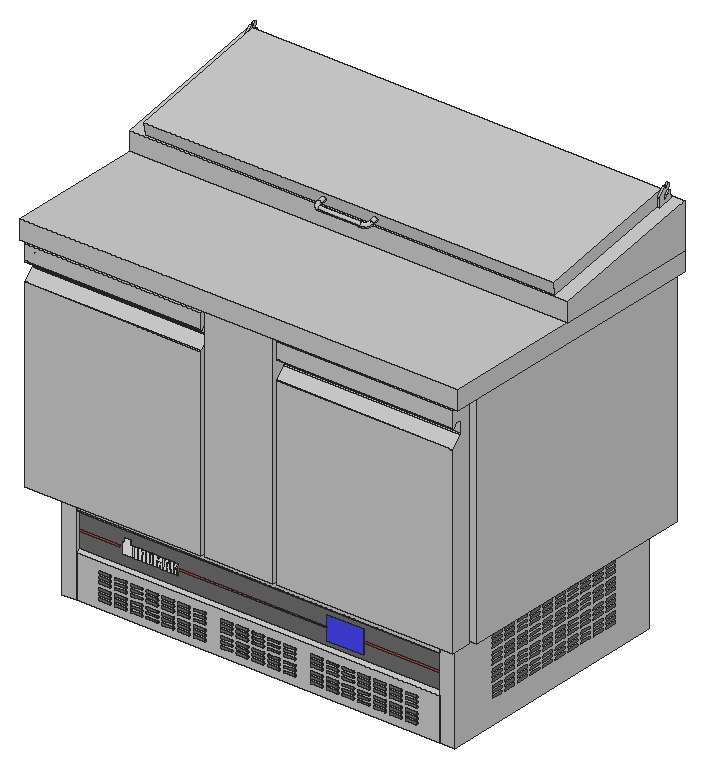
Revit family "QF_INOMAK_BPZP7300_250611020226", category Specialty Equipment, Revit 2021 (continued)
Definition of nested family "QF_INOMAK_REF_BASE_MOTOR_2920"
  Forms (mm)
    Extrusion 20, solid
      sketch origin (1041, 1580.136, -390.167) x (0, 1, 0) y (0, 0, -1)
        loop
          line (-1883.436, -480.535) -> (-1907.436, -480.535)
          arc (-1907.436, -480.535) -> (-1910.436, -483.535) -> (-1907.436, -486.535) r 3
        loop
          line (-1868.436, -486.535) -> (-1844.436, -486.535)
          arc (-1844.436, -486.535) -> (-1841.436, -483.535) -> (-1844.436, -480.535) r 3
          line (-1844.436, -480.535) -> (-1868.436, -480.535)
          arc (-1868.436, -480.535) -> (-1871.436, -483.535) -> (-1868.436, -486.535) r 3
        loop
          line (-1829.436, -486.535) -> (-1805.436, -486.535)
          arc (-1805.436, -486.535) -> (-1802.436, -483.535) -> (-1805.436, -480.535) r 3
          line (-1805.436, -480.535) -> (-1829.436, -480.535)
          arc (-1829.436, -480.535) -> (-1832.436, -483.535) -> (-1829.436, -486.535) r 3
        loop
          line (-1790.436, -486.535) -> (-1766.436, -486.535)
          arc (-1766.436, -486.535) -> (-1763.436, -483.535) -> (-1766.436, -480.535) r 3
          line (-1766.436, -480.535) -> (-1790.436, -480.535)
          arc (-1790.436, -480.535) -> (-1793.436, -483.535) -> (-1790.436, -486.535) r 3
        loop
          line (-1751.436, -486.535) -> (-1727.436, -486.535)
          arc (-1727.436, -486.535) -> (-1724.436, -483.535) -> (-1727.436, -480.535) r 3
          line (-1727.436, -480.535) -> (-1751.436, -480.535)
          arc (-1751.436, -480.535) -> (-1754.436, -483.535) -> (-1751.436, -486.535) r 3
        loop
          line (-1985.436, -475.535) -> (-1961.436, -475.535)
          arc (-1961.436, -475.535) -> (-1958.436, -472.535) -> (-1961.436, -469.535) r 3
          line (-1961.436, -469.535) -> (-1985.436, -469.535)
          arc (-1985.436, -469.535) -> (-1988.436, -472.535) -> (-1985.436, -475.535) r 3
        loop
          line (-1946.436, -475.535) -> (-1922.436, -475.535)
          arc (-1922.436, -475.535) -> (-1919.436, -472.535) -> (-1922.436, -469.535) r 3
          line (-1922.436, -469.535) -> (-1946.436, -469.535)
          arc (-1946.436, -469.535) -> (-1949.436, -472.535) -> (-1946.436, -475.535) r 3
        loop
          line (-1907.436, -475.535) -> (-1883.436, -475.535)
          arc (-1883.436, -475.535) -> (-1880.436, -472.535) -> (-1883.436, -469.535) r 3
          line (-1883.436, -469.535) -> (-1907.436, -469.535)
          arc (-1907.436, -469.535) -> (-1910.436, -472.535) -> (-1907.436, -475.535) r 3
        loop
          line (-1868.436, -475.535) -> (-1844.436, -475.535)
          arc (-1844.436, -475.535) -> (-1841.436, -472.535) -> (-1844.436, -469.535) r 3
          line (-1844.436, -469.535) -> (-1868.436, -469.535)
          arc (-1868.436, -469.535) -> (-1871.436, -472.535) -> (-1868.436, -475.535) r 3
        loop
          line (-1829.436, -475.535) -> (-1805.436, -475.535)
          arc (-1805.436, -475.535) -> (-1802.436, -472.535) -> (-1805.436, -469.535) r 3
          line (-1805.436, -469.535) -> (-1829.436, -469.535)
          arc (-1829.436, -469.535) -> (-1832.436, -472.535) -> (-1829.436, -475.535) r 3
        loop
          line (-1790.436, -475.535) -> (-1766.436, -475.535)
          arc (-1766.436, -475.535) -> (-1763.436, -472.535) -> (-1766.436, -469.535) r 3
          line (-1766.436, -469.535) -> (-1790.436, -469.535)
          arc (-1790.436, -469.535) -> (-1793.436, -472.535) -> (-1790.436, -475.535) r 3
        loop
          line (-1751.436, -475.535) -> (-1727.436, -475.535)
          arc (-1727.436, -475.535) -> (-1724.436, -472.535) -> (-1727.436, -469.535) r 3
          line (-1727.436, -469.535) -> (-1751.436, -469.535)
          arc (-1751.436, -469.535) -> (-1754.436, -472.535) -> (-1751.436, -475.535) r 3
        loop
          line (-2102.436, -534.535) -> (-2078.436, -534.535)
          arc (-2078.436, -534.535) -> (-2075.436, -531.535) -> (-2078.436, -528.535) r 3
          line (-2078.436, -528.535) -> (-2102.436, -528.535)
          arc (-2102.436, -528.535) -> (-2105.436, -531.535) -> (-2102.436, -534.535) r 3
        loop
          line (-2063.436, -534.535) -> (-2039.436, -534.535)
          arc (-2039.436, -534.535) -> (-2036.436, -531.535) -> (-2039.436, -528.535) r 3
          line (-2039.436, -528.535) -> (-2063.436, -528.535)
          arc (-2063.436, -528.535) -> (-2066.436, -531.535) -> (-2063.436, -534.535) r 3
        loop
          line (-2024.436, -534.535) -> (-2000.436, -534.535)
          arc (-2000.436, -534.535) -> (-1997.436, -531.535) -> (-2000.436, -528.535) r 3
          line (-2000.436, -528.535) -> (-2024.436, -528.535)
          arc (-2024.436, -528.535) -> (-2027.436, -531.535) -> (-2024.436, -534.535) r 3
        loop
          line (-2102.436, -523.535) -> (-2078.436, -523.535)
          arc (-2078.436, -523.535) -> (-2075.436, -520.535) -> (-2078.436, -517.535) r 3
          line (-2078.436, -517.535) -> (-2102.436, -517.535)
          arc (-2102.436, -517.535) -> (-2105.436, -520.535) -> (-2102.436, -523.535) r 3
        loop
          line (-2063.436, -523.535) -> (-2039.436, -523.535)
          arc (-2039.436, -523.535) -> (-2036.436, -520.535) -> (-2039.436, -517.535) r 3
          line (-2039.436, -517.535) -> (-2063.436, -517.535)
          arc (-2063.436, -517.535) -> (-2066.436, -520.535) -> (-2063.436, -523.535) r 3
        loop
          line (-2024.436, -523.535) -> (-2000.436, -523.535)
          arc (-2000.436, -523.535) -> (-1997.436, -520.535) -> (-2000.436, -517.535) r 3
          line (-2000.436, -517.535) -> (-2024.436, -517.535)
          arc (-2024.436, -517.535) -> (-2027.436, -520.535) -> (-2024.436, -523.535) r 3
        loop
          line (-2102.436, -512.535) -> (-2078.436, -512.535)
          arc (-2078.436, -512.535) -> (-2075.436, -509.535) -> (-2078.436, -506.535) r 3
          line (-2078.436, -506.535) -> (-2102.436, -506.535)
          arc (-2102.436, -506.535) -> (-2105.436, -509.535) -> (-2102.436, -512.535) r 3
        loop
          line (-2063.436, -512.535) -> (-2039.436, -512.535)
          arc (-2039.436, -512.535) -> (-2036.436, -509.535) -> (-2039.436, -506.535) r 3
          line (-2039.436, -506.535) -> (-2063.436, -506.535)
          arc (-2063.436, -506.535) -> (-2066.436, -509.535) -> (-2063.436, -512.535) r 3
        loop
          line (-2024.436, -512.535) -> (-2000.436, -512.535)
          arc (-2000.436, -512.535) -> (-1997.436, -509.535) -> (-2000.436, -506.535) r 3
          line (-2000.436, -506.535) -> (-2024.436, -506.535)
          arc (-2024.436, -506.535) -> (-2027.436, -509.535) -> (-2024.436, -512.535) r 3
        loop
          line (-2102.436, -497.535) -> (-2078.436, -497.535)
          arc (-2078.436, -497.535) -> (-2075.436, -494.535) -> (-2078.436, -491.535) r 3
          line (-2078.436, -491.535) -> (-2102.436, -491.535)
          arc (-2102.436, -491.535) -> (-2105.436, -494.535) -> (-2102.436, -497.535) r 3
        loop
          line (-2063.436, -497.535) -> (-2039.436, -497.535)
          arc (-2039.436, -497.535) -> (-2036.436, -494.535) -> (-2039.436, -491.535) r 3
          line (-2039.436, -491.535) -> (-2063.436, -491.535)
          arc (-2063.436, -491.535) -> (-2066.436, -494.535) -> (-2063.436, -497.535) r 3
        loop
          line (-2024.436, -497.535) -> (-2000.436, -497.535)
          arc (-2000.436, -497.535) -> (-1997.436, -494.535) -> (-2000.436, -491.535) r 3
          line (-2000.436, -491.535) -> (-2024.436, -491.535)
          arc (-2024.436, -491.535) -> (-2027.436, -494.535) -> (-2024.436, -497.535) r 3
        loop
          line (-2102.436, -486.535) -> (-2078.436, -486.535)
          arc (-2078.436, -486.535) -> (-2075.436, -483.535) -> (-2078.436, -480.535) r 3
          line (-2078.436, -480.535) -> (-2102.436, -480.535)
          arc (-2102.436, -480.535) -> (-2105.436, -483.535) -> (-2102.436, -486.535) r 3
        loop
          line (-2063.436, -486.535) -> (-2039.436, -486.535)
          arc (-2039.436, -486.535) -> (-2036.436, -483.535) -> (-2039.436, -480.535) r 3
          line (-2039.436, -480.535) -> (-2063.436, -480.535)
          arc (-2063.436, -480.535) -> (-2066.436, -483.535) -> (-2063.436, -486.535) r 3
        loop
          line (-2024.436, -486.535) -> (-2000.436, -486.535)
          arc (-2000.436, -486.535) -> (-1997.436, -483.535) -> (-2000.436, -480.535) r 3
          line (-2000.436, -480.535) -> (-2024.436, -480.535)
          arc (-2024.436, -480.535) -> (-2027.436, -483.535) -> (-2024.436, -486.535) r 3
        loop
          line (-2102.436, -475.535) -> (-2078.436, -475.535)
          arc (-2078.436, -475.535) -> (-2075.436, -472.535) -> (-2078.436, -469.535) r 3
          line (-2078.436, -469.535) -> (-2102.436, -469.535)
          arc (-2102.436, -469.535) -> (-2105.436, -472.535) -> (-2102.436, -475.535) r 3
        loop
          line (-2063.436, -475.535) -> (-2039.436, -475.535)
          arc (-2039.436, -475.535) -> (-2036.436, -472.535) -> (-2039.436, -469.535) r 3
          line (-2039.436, -469.535) -> (-2063.436, -469.535)
          arc (-2063.436, -469.535) -> (-2066.436, -472.535) -> (-2063.436, -475.535) r 3
        loop
          line (-2024.436, -475.535) -> (-2000.436, -475.535)
          arc (-2000.436, -475.535) -> (-1997.436, -472.535) -> (-2000.436, -469.535) r 3
          line (-2000.436, -469.535) -> (-2024.436, -469.535)
          arc (-2024.436, -469.535) -> (-2027.436, -472.535) -> (-2024.436, -475.535) r 3
      from 16.5 to 19
  Lines and regions (mm)
    symbolic lines, visible <- "Show Clearance"
      curve 1: line (0, -700, 0) -> (0, -25, 0)
      curve 4: line (1080, -700, 0) -> (1080, -25, 0)
      curve 5: line (0, -25, 0) -> (1080, -25, 0)
      curve 6: line (1080, -700, 0) -> (0, -700, 0)
    symbolic lines
      curve 2: line (12, -1118, 0) -> (12, -700, 0)
      curve 3: arc (12, -1118, 0) -> (312.243, -995.109, 0) -> (447, -700, 0) r 440.665
      curve 7: line (1068, -1118, 0) -> (1068, -700, 0)
      curve 8: arc (1068, -1118, 0) -> (767.757, -995.109, 0) -> (633, -700, 0) r 440.665
  Dimensions and locks
    plane 3 "Left" to plane 4 "Right" = 1080 mm
    plane 5 "Front" to plane 1 "Back" = 700 mm
    plane 6 "Top" to level = 812 mm  (x2)
    aligned and locked: level to plane 2
Definition of nested family "QF_INOMAK_REF_SALADETTE_WORKTOPS_PS_5707"
  Parameters (values of type "WTPS-1342-700")
    Worktop thickness [instance] = 46 mm
    Weight [instance] = 0.00 kg
    Warranty Start Date [instance] = ""
    Warranty Duration [instance] = ""
    URL Cutsheet [instance] = ""
    URL = "www.inomak.com"
    Technical Documentation [instance] = ""
    Tag Number [instance] = ""
    Status [instance] = ""
    Specification by User [instance] = ""
    Specification by Manufacturer [instance] = ""
    Sound Level [instance] = ""
    Solid Fuel Type [instance] = ""
    Show Logo [instance] = yes
    Show Clearances [instance] = yes
    Service Life Duration [instance] = ""
    Serial Number [instance] = ""
    Seismic Rating [instance] = ""
    SMACNA No [instance] = ""
    Revision Code [instance] = ""
    Revision [instance] = ""
    Production Year [instance] = ""
    Point Load [instance] = 0
    Other Equipment Approvals [instance] = ""
    NAFEM Spec ID Number [instance] = ""
    Model Warning [instance] = ""
    Model = "WTPS"
    Masterspec [instance] = ""
    Manufacturer = "INOMAK"
    Length Actual [instance] = 1342 mm
    Item Number [instance] = ""
    Installed By [instance] = ""
    Installation Date [instance] = ""
    Identify Quantity as Lot [instance] = yes
    ID [instance] = ""
    Hygiene Approval [instance] = ""
    Height Actual [instance] = 0 mm
    Height AFF [instance] = 0 mm
    Furnished By [instance] = ""
    Foodservice Equipment Identifier [instance] = yes
    Finish [instance] = none
    ETL Approved [instance] = yes
    Description = "PREP STATIONS WITH STAINLESS STEEL TOP"
    Depth Actual [instance] = 700 mm
    Default Elevation = 0 mm
    CSI MasterFormat [instance] = ""
    CE Approved [instance] = yes
    Barcode [instance] = ""
    Author [instance] = ""
    Asset Identifier [instance] = ""
    Assembly Code = "E1090320"
    Accessory [instance] = yes
  Types (6, lengths in mm): name | Model | Length Actual | Description | Depth Actual
    WTPS-1792-700 | "WTPS" | 1792 | "PREP STATIONS WITH STAINLESS STEEL TOP" | 700
    WTPS-1792-700-80 | "WTPS-80" | 1792 | "PREP STATIONS WITH 80CM STAINLESS STEEL TOP" | 800
    WTPS-1342-700-80 | "WTPS-80" | 1342 | "PREP STATIONS WITH 80CM STAINLESS STEEL TOP" | 800
    WTPS-1342-700 | "WTPS" | 1342 | "PREP STATIONS WITH STAINLESS STEEL TOP" | 700
    WTPS-1080-700 | "WTPS" | 1080 | "PREP STATIONS WITH STAINLESS STEEL TOP" | 700
    WTPS-1080-700-80 | "WTPS-80" | 1080 | "PREP STATIONS WITH 80CM STAINLESS STEEL TOP" | 800
  Reference planes
    plane 1 "Back": y = 0
    plane 2: z = 0
    plane 3 "Left": x = 0
    plane 4 "Right": x = 1342
    plane 5 "Front": y = -700
    plane 6 "Top": z = 46
    plane 7 "Backsplash thickness": y = -20
    plane 8 "Worktop bottom": z = 0
    plane 9 "Upright height": z = 46
    plane 10: x = 35
    plane 11: y = -360
    plane 12: x = 1307
    plane 13 "Center Left-Right": x = 671
  Forms (mm)
    Extrusion 1, solid, material <- "Finish"
      sketch origin (1342, -1405.169, 4000) x (0, -1, 0) y (0, 0, 1)
        loop
          line (-1405.169, -3954) -> (-1045.169, -3954) -> (-1045.169, -3909) -> (-1405.169, -3842) -> (-1405.169, -3954)
      from 0 to 1342
    Extrusion 2, solid, material <- "Finish"
      sketch origin (1307, -181.008, 4001.019) x (0, -0.999986, -0.005375) y (0, -0.005375, 0.999986)
        loop
          line (195.08, -3908.112) -> (200.41, -3878.589) -> (-134.67, -3818.088) -> (-140, -3847.611) -> (195.08, -3908.112)
      from 0 to 1272
    Sweep 3, solid, material <- "Finish"
      path origin (671, -357.824, 106.663) x (0, -0.983119, -0.182969) y (-1, 0, 0)
        loop
          line (0, 64) -> (15, 64)
          arc (15, 64) -> (23.826, 60.344) -> (27.482, 51.518) r 12.482
          line (27.482, 51.518) -> (27.482, -51.518)
          arc (27.482, -51.518) -> (23.826, -60.344) -> (15, -64) r 12.482
          line (15, -64) -> (0, -64)
      profile origin (671, -384.842, 101.634) x (0, -0.983119, -0.182969) y (0, 0.182969, -0.983119)
        loop
          circle (0, 0) r 5
    Extrusion 4, solid, material <- "Finish"
      sketch origin (0, 0.311, 34.937) x (0, 0.999986, 0.005375) y (0, -0.005375, 0.999986)
        loop
          line (-7.255, 121.69) -> (-10.809, 141.372) -> (-20.651, 135.69) -> (-20.651, 129.013)
          arc (-20.651, 129.013) -> (-24.467, 125.197) -> (-28.283, 129.013) r 3.816
          line (-28.283, 129.013) -> (-28.283, 139.013) -> (-12.073, 148.372) -> (-13.85, 158.213) -> (-20.651, 155.737) -> (-19.896, 151.556)
          arc (-19.896, 151.556) -> (-21.793, 148.822) -> (-24.526, 150.72) r 2.353
          line (-24.526, 150.72) -> (-25.137, 154.104)
          arc (-25.137, 154.104) -> (-36.008, 146.992) -> (-41.539, 135.237) r 23.853
          line (-41.539, 135.237) -> (-41.539, 115.5) -> (-7.255, 121.69)
      from 28 to 33
    Extrusion 5, solid, detail levels coarse
      sketch origin (1307, -181.008, 4001.019) x (0, -0.999986, -0.005375) y (0, -0.005375, 0.999986)
        loop
          arc (200.41, -3878.589) -> (140.669, -3629.668) -> (-76.049, -3493.419) r 339.139
          line (-76.049, -3493.419) -> (-134.67, -3818.088) -> (200.41, -3878.589)
      from 0 to 1272
    Extrusion 6, solid, material <- "Finish"
      sketch origin (1342, -1426.16, 3994.327) x (0, -0.999986, -0.005375) y (0, -0.005375, 0.999986)
        loop
          line (-1394.36, -3825.628) -> (-1397.914, -3845.31) -> (-1363.63, -3851.5) -> (-1363.63, -3831.763)
          arc (-1363.63, -3831.763) -> (-1369.161, -3820.008) -> (-1380.032, -3812.896) r 23.853
          line (-1380.032, -3812.896) -> (-1380.643, -3816.28)
          arc (-1380.643, -3816.28) -> (-1383.376, -3818.178) -> (-1385.273, -3815.444) r 2.353
          line (-1385.273, -3815.444) -> (-1384.518, -3811.263) -> (-1391.319, -3808.787) -> (-1393.096, -3818.628) -> (-1376.886, -3827.987) -> (-1376.886, -3837.987)
          arc (-1376.886, -3837.987) -> (-1380.702, -3841.803) -> (-1384.518, -3837.987) r 3.816
          line (-1384.518, -3837.987) -> (-1384.518, -3831.31) -> (-1394.36, -3825.628)
      from 28 to 33
    Extrusion 7, solid, material <- "Finish"
      sketch origin (1342, -1405.169, 4000) x (0, -1, 0) y (0, 0, 1)
        loop
          line (-1405.169, -4000) -> (-705.169, -4000) -> (-705.169, -3954) -> (-1405.169, -3954) -> (-1405.169, -4000)
      from 0 to 1342
  Lines and regions (mm)
    Masking region 1
      outline origin (0, 0, 46) x (0, 1, 0) y (-1, 0, 0)
        loop
          line (0, 0) -> (-700, 0) -> (-700, -1342) -> (0, -1342) -> (0, 0)
    symbolic lines
      curve 1: line (0, -360, 46) -> (1342, -360, 46)
      curve 2: line (35, -20, 46) -> (35, -360, 46)
      curve 3: line (1307, -20, 46) -> (35, -20, 46)
      curve 4: line (1307, -360, 46) -> (1307, -20, 46)
      curve 5: line (602, -360, 46) -> (602, -372.453, 46)
      curve 6: line (612, -360, 46) -> (612, -372.467, 46)
      curve 7: line (619.349, -379.816, 46) -> (722.651, -379.816, 46)
      curve 8: line (619.345, -389.797, 46) -> (722.655, -389.797, 46)
      curve 9: arc (602, -372.453, 46) -> (607.08, -384.717, 46) -> (619.345, -389.797, 46) r 17.345
      curve 10: arc (612, -372.467, 46) -> (614.153, -377.663, 46) -> (619.349, -379.816, 46) r 7.349
      curve 11: line (740, -360, 46) -> (740, -372.453, 46)
      curve 12: line (730, -360, 46) -> (730, -372.467, 46)
      curve 13: arc (740, -372.453, 46) -> (734.92, -384.717, 46) -> (722.655, -389.797, 46) r 17.345
      curve 14: arc (730, -372.467, 46) -> (727.847, -377.663, 46) -> (722.651, -379.816, 46) r 7.349
      curve 15: line (0, 0, 46) -> (1342, 0, 46)
      curve 16: line (0, -700, 46) -> (0, 0, 46)
      curve 17: line (1342, -700, 46) -> (0, -700, 46)
      curve 18: line (1342, 0, 46) -> (1342, -700, 46)
    reference lines
      curve 19: line (671, -357.824, 106.663) -> (671, -392.233, 100.259)
  Dimensions and locks
    "Length Actual": plane 3 "Left" to plane 4 "Right"
    "Depth Actual": plane 5 "Front" to plane 1 "Back"
    plane 7 "Backsplash thickness" to plane 1 "Back" = 20 mm
    "Worktop thickness": plane 6 "Top" to plane 8 "Worktop bottom"
    plane 9 "Upright height" to plane 6 "Top" = 0 mm
    "Height AFF": plane 8 "Worktop bottom" to plane 2
    locked: plane 3 "Left" to plane 10 at 35
    locked: plane 1 "Back" to plane 11 at 360
    equal spacing: plane 10, plane 13 "Center Left-Right", plane 12
    locked: plane 12 to plane 4 "Right" at 35
    locked: curve 19 to plane 9 "Upright height" at 60.663
    aligned and locked: level to plane 2
    aligned and locked: Extrusion 1 to plane 3 "Left"
    aligned and locked: Extrusion 2 to plane 10
    aligned and locked: Extrusion 1 to plane 11
    aligned and locked: Extrusion 2 to Extrusion 5
    aligned and locked: Extrusion 7 sketch curve to plane 6 "Top"
    aligned and locked: plane 5 "Front" to Extrusion 7 sketch curve
    aligned and locked: plane 1 "Back" to Extrusion 7 sketch curve
    aligned and locked: Extrusion 7 to plane 3 "Left"
    aligned and locked: Extrusion 7 sketch curve to plane 8 "Worktop bottom"
  Automatic sketch dimensions
    Masking region 1 sketch curve to plane 3 "Left" = 0 mm
    Masking region 1 sketch curve to plane 5 "Front" = 0 mm
    plane 1 "Back" to Masking region 1 sketch curve = 0 mm
    Masking region 1 sketch curve to plane 4 "Right" = 0 mm
    Extrusion 1 sketch curve to plane 1 "Back" = 0 mm
    Extrusion 1 sketch curve to plane 11 = 0 mm
    Extrusion 1 sketch curve to plane 6 "Top" = 0 mm
    Extrusion 1 sketch curve to Extrusion 1 sketch curve = 45 mm
    Extrusion 1 sketch curve to Extrusion 1 sketch curve = 112 mm
    Extrusion 2 sketch curve to plane 7 "Backsplash thickness" = 0.33 mm
    plane 6 "Top" to Extrusion 2 sketch curve = 108.216 mm
    Extrusion 2 sketch curve to Extrusion 2 sketch curve = 5.33 mm
    Extrusion 2 sketch curve to Extrusion 2 sketch curve = 335.08 mm
    Extrusion 2 sketch curve to Extrusion 2 sketch curve = 30.978 mm
    Extrusion 4 sketch curve to plane 7 "Backsplash thickness" = 21.848 mm
    plane 6 "Top" to Extrusion 4 sketch curve = 104.212 mm
    Extrusion 4 sketch curve to Extrusion 4 sketch curve = 13.256 mm
    Extrusion 4 sketch curve to Extrusion 4 sketch curve = 3.146 mm
    Extrusion 4 sketch curve to Extrusion 4 sketch curve = 0.611 mm
    Extrusion 4 sketch curve to Extrusion 4 sketch curve = 3.816 mm
    Extrusion 4 sketch curve to Extrusion 4 sketch curve = 2.315 mm  (x2)
    Extrusion 4 sketch curve to Extrusion 4 sketch curve = 4.487 mm
    Extrusion 4 sketch curve to Extrusion 4 sketch curve = 2.645 mm
    Extrusion 4 sketch curve to Extrusion 4 sketch curve = 6.801 mm
    Extrusion 4 sketch curve to Extrusion 4 sketch curve = 7.823 mm
    Extrusion 4 sketch curve to Extrusion 4 sketch curve = 1.264 mm
    Extrusion 4 sketch curve to Extrusion 4 sketch curve = 10.751 mm
    Extrusion 4 sketch curve to Extrusion 4 sketch curve = 6.19 mm
    Extrusion 4 sketch curve to Extrusion 4 sketch curve = 7.323 mm
    Extrusion 4 sketch curve to Extrusion 4 sketch curve = 2.33 mm
    Extrusion 4 sketch curve to Extrusion 4 sketch curve = 6.224 mm
    Extrusion 4 sketch curve to Extrusion 4 sketch curve = 4.347 mm
    Extrusion 4 sketch curve to Extrusion 4 sketch curve = 3.323 mm
    Extrusion 4 sketch curve to Extrusion 4 sketch curve = 7 mm
    Extrusion 4 sketch curve to Extrusion 4 sketch curve = 3.385 mm
    Extrusion 4 sketch curve to Extrusion 4 sketch curve = 0.418 mm
    Extrusion 4 sketch curve to Extrusion 4 sketch curve = 4.182 mm
    Extrusion 4 sketch curve to Extrusion 4 sketch curve = 2.475 mm
    curve 17 to plane 3 "Left" = 0 mm
    curve 17 to plane 5 "Front" = 0 mm
    curve 5 to plane 11 = 0 mm
    curve 4 to plane 7 "Backsplash thickness" = 0 mm
    plane 1 "Back" to curve 15 = 0 mm
    curve 1 to plane 4 "Right" = 0 mm
    curve 4 to plane 12 = 0 mm
    curve 2 to plane 10 = 0 mm
    curve 8 to plane 11 = 29.797 mm
    curve 11 to plane 13 "Center Left-Right" = 69 mm
    curve 12 to curve 13 = 7.345 mm
    plane 13 "Center Left-Right" to curve 10 = 51.651 mm
    curve 10 to curve 9 = 0.005 mm
    Extrusion 5 sketch curve to plane 7 "Backsplash thickness" = 5.591 mm
    plane 6 "Top" to Extrusion 5 sketch curve = 128.378 mm
    Extrusion 5 sketch curve to Extrusion 5 sketch curve = 0.178 mm
    Extrusion 5 sketch curve to Extrusion 5 sketch curve = 58.621 mm
    Extrusion 5 sketch curve to Extrusion 5 sketch curve = 335.257 mm
    Extrusion 5 sketch curve to Extrusion 5 sketch curve = 51.167 mm
    plane 1 "Back" to Extrusion 6 sketch curve = 7.598 mm
    plane 6 "Top" to Extrusion 6 sketch curve = 110.586 mm
    Extrusion 6 sketch curve to Extrusion 6 sketch curve = 3.554 mm
    Extrusion 6 sketch curve to Extrusion 6 sketch curve = 1.264 mm
    Extrusion 6 sketch curve to Extrusion 6 sketch curve = 1.777 mm
    Extrusion 6 sketch curve to Extrusion 6 sketch curve = 7.197 mm
    Extrusion 6 sketch curve to Extrusion 6 sketch curve = 7.823 mm
    Extrusion 6 sketch curve to Extrusion 6 sketch curve = 2.645 mm
    Extrusion 6 sketch curve to Extrusion 6 sketch curve = 0.755 mm
    Extrusion 6 sketch curve to Extrusion 6 sketch curve = 2.315 mm  (x2)
    Extrusion 6 sketch curve to Extrusion 6 sketch curve = 3.816 mm
    Extrusion 6 sketch curve to Extrusion 6 sketch curve = 0.611 mm
    Extrusion 6 sketch curve to Extrusion 6 sketch curve = 13.256 mm
    Extrusion 6 sketch curve to Extrusion 6 sketch curve = 6.19 mm
    Extrusion 6 sketch curve to Extrusion 6 sketch curve = 7.323 mm
    Extrusion 6 sketch curve to Extrusion 6 sketch curve = 2.33 mm
    Extrusion 6 sketch curve to Extrusion 6 sketch curve = 6.224 mm
    Extrusion 6 sketch curve to Extrusion 6 sketch curve = 4.347 mm
    Extrusion 6 sketch curve to Extrusion 6 sketch curve = 3.323 mm
    Extrusion 6 sketch curve to Extrusion 6 sketch curve = 7 mm
    Extrusion 6 sketch curve to Extrusion 6 sketch curve = 3.385 mm
    Extrusion 6 sketch curve to Extrusion 6 sketch curve = 0.418 mm
    Extrusion 6 sketch curve to Extrusion 6 sketch curve = 4.182 mm
    Extrusion 6 sketch curve to Extrusion 6 sketch curve = 2.475 mm
    profile plane to Sweep 3 sketch curve = 0 mm
    Sweep 3 sketch curve to profile plane = 0 mm
    curve 19 to Sweep 3 sketch curve = 0 mm  (x2)
    Sweep 3 sketch curve to curve 19 = 64 mm
    curve 19 to Sweep 3 sketch curve = 64 mm
    curve 19 to Sweep 3 sketch curve = 15 mm  (x2)
    Sweep 3 sketch curve to curve 19 = 7.518 mm
    curve 8 to curve 7 = 9.982 mm
    curve 7 to curve 14 = 7.349 mm
    curve 7 to curve 10 = 7.349 mm
    curve 10 to curve 9 = 0.014 mm
    curve 14 to curve 13 = 0.014 mm
    plane 11 to curve 19 = 2.176 mm
    curve 19 to plane 11 = 32.233 mm
    curve 19 to curve 19 = 6.404 mm
    radius of Sweep 3 sketch curve = 5 mm
Definition of nested family "CONN_POINT_ELE_2D___Generic_Annotation"
  Parameters (values of type "CONN_POINT_ELE_2D___Generic_Annotation")
    Onboard connection annotation symbol visibility [instance] = yes
  Reference planes
    plane 1: y = 0
    plane 2: x = 0
  Lines and regions (mm)
    detail lines, visible <- "Onboard connection annotation symbol visibility"
      curve 1: circle (0, 0, 0) r 0.5 normal (0, 0, 1)
      curve 2: line (-1, 0, 0) -> (1, 0, 0)
      curve 3: line (0, 1, 0) -> (0, -1, 0)
      curve 4: line (2.5, 1, 0) -> (1.25, 1, 0)
      curve 5: line (1.25, 1, 0) -> (1.25, -1, 0)
      curve 6: line (1.25, -1, 0) -> (2.5, -1, 0)
      curve 7: line (1.25, 0, 0) -> (2, 0, 0)
